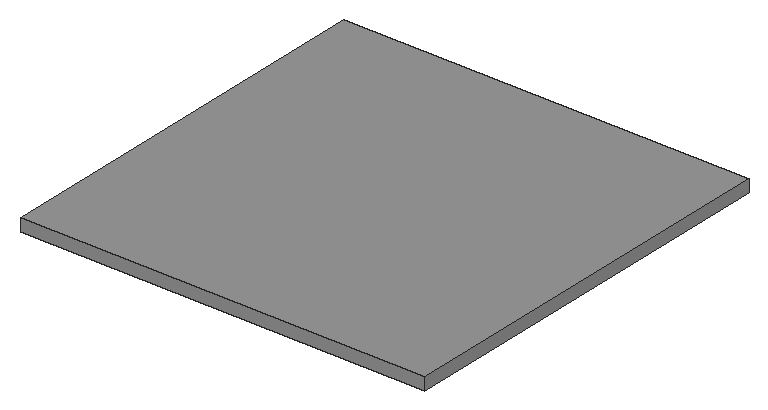
Revit family "KOBE_4000K_4700LM", category Lighting Fixtures, host Ceiling, Revit 2021
Family settings
  Host = Ceiling
  Round Connector Dimension = Use Diameter
  Part Type = Normal
  OmniClass Number = 23.80.70.11
  OmniClass Title = Luminaries for Internal Lighting
  Always vertical = Yes
  Cut with Voids When Loaded = No
  Light Source = Yes
  Shared = No
  Room Calculation Point = No
Parameters (values of type "Type 1")
  Wattage = 31.6409 W
  built-in parameter 1150110 = 1 (stored number, unit not read)
  Type de lampe = "LED Seoul"
  Type = "Plafonnier"
  built-in parameter 1114217 = 1 (stored number, unit not read)
  Tilt Angle = 90.00°
  Température = "4000K"
  built-in parameter 1150109 = 1 (stored number, unit not read)
  built-in parameter 1150134 = 12
  built-in parameter 1150113 = 1 (stored number, unit not read)
  SDCM = "<3"
  Puissance nominale = "36W"
  Photometric Web File = "google_eulumdat_converter (7).ies"
  Matériau = "Acier"
  Maintien du flux = "L80B10 (50 000 heures)"
  Lumens = 4700 lm
  built-in parameter 1150115 = 1 (stored number, unit not read)
  built-in parameter 1150105 = 374.01 (stored number, unit not read)
  built-in parameter 1150137 = (empty or 0)
  built-in parameter 1150139 = (empty or 0)
  built-in parameter 1150112 = 1 (stored number, unit not read)
  built-in parameter 1150114 = 1 (stored number, unit not read)
  built-in parameter 1150132 = 2
  built-in parameter 1150102 = (empty or 0)
  built-in parameter 1150138 = (empty or 0)
  built-in parameter 1150107 = 4000 (stored number, unit not read)
  built-in parameter 1150106 = 3.7401 (stored number, unit not read)
  IRC = ">80"
  Flux lumineux = "4700 lm"
  Fintion = "Blanc"
  Emit from Rectangle Width = 609.6 mm
  Emit from Rectangle Length = 1219.2 mm
  Emit Shape Visible in Rendering = no
  built-in parameter 1150104 = 13.8 (stored number, unit not read)
  Durée de vie = "50 000 heures"
  Driver = "Driver Tuv - No flicker"
  Dimming Lamp Color Temperature Shift = <None>
  Dimensions d’encastrement = "595x595x18 mm"
  Dimensions = "595x595x18 mm"
  Default Elevation = 0 mm
  Color Filter = 16777215
  built-in parameter 1114218 = 1 (stored number, unit not read)
  built-in parameter 1150133 = 10 (stored number, unit not read)
  Angle d'éclairage = "60°"
  Alimentation luminaire = "20-42V dc / 900mA"
  Alimentation Driver = "220-240V AC"
Reference planes
  plane 1 "Light Source Axis (F/B)": y = 0
  plane 2: z = 0
  plane 3 "Light Source Axis (L/R)": x = 0
  plane 4 "Ceiling": z = 4000
  plane 5 "Light Source Elevation": z = 3978.349
Forms (mm)
  Extrusion 1, solid, material "Acier Blanc"
    sketch origin (0, 0, 4000) x (0, 1, 0) y (-1, 0, 0)
      loop
        line (297.5, 297.5) -> (-297.5, 297.5) -> (-297.5, -297.5) -> (297.5, -297.5) -> (297.5, 297.5)
    from -18 to 0
  Extrusion 2, void
    sketch origin (0, 0, 4000) x (0, -1, 0) y (1, 0, 0)
      loop
        line (-282.242, 220.727) -> (-282.242, 200.727) -> (277.758, 200.727) -> (277.758, 220.727) -> (-282.242, 220.727)
    from -31.391 to -9.972
  Extrusion 3, void
    sketch origin (0, 0, 4000) x (0, 1, 0) y (-1, 0, 0)
      loop
        line (282.242, 220.727) -> (-277.758, 220.727) -> (-277.758, 200.727) -> (282.242, 200.727) -> (282.242, 220.727)
    from -31.391 to -9.972
  Extrusion 4, solid, material "Glass, White, High Luminance"
    sketch origin (0, 0, 4000) x (0, 1, 0) y (-1, 0, 0)
      loop
        line (282.242, 220.727) -> (-277.758, 220.727) -> (-277.758, 200.727) -> (282.242, 200.727) -> (282.242, 220.727)
    from -15.716 to -9.972
  Extrusion 5, solid, material "Glass, White, High Luminance"
    sketch origin (0, 0, 4000) x (0, -1, 0) y (1, 0, 0)
      loop
        line (-282.242, 220.727) -> (-282.242, 200.727) -> (277.758, 200.727) -> (277.758, 220.727) -> (-282.242, 220.727)
    from -15.716 to -9.972
Cuts and joins
  Extrusion 2, Extrusion 3 cuts Extrusion 1
Lines and regions (mm)
  reference lines
    curve 1: line (0, 0, 4000) -> (0, 297.5, 4000)
    curve 2: line (0, 297.5, 4000) -> (297.5, 297.5, 4000)
    curve 3: line (297.5, 297.5, 4000) -> (297.5, -297.5, 4000)
    curve 4: line (297.5, -297.5, 4000) -> (-297.5, -297.5, 4000)
    curve 5: line (-297.5, -297.5, 4000) -> (-297.5, 297.5, 4000)
    curve 6: line (-297.5, 297.5, 4000) -> (0, 297.5, 4000)
    curve 7: line (0, 0, 4000) -> (0, 0, 3982)
    curve 8: line (0, 0, 3982) -> (-25, 0, 3982)
Dimensions and locks
  equal spacing: host sketch curve, plane 3 "Light Source Axis (L/R)", host sketch curve
  equal spacing: host sketch curve, plane 1 "Light Source Axis (F/B)", host sketch curve
  host sketch curve to host sketch curve = 4000 mm  (x2)
  plane 4 "Ceiling" to host ceiling = 0 mm
  aligned and locked: plane 1 "Light Source Axis (F/B)" to imposter light
  aligned and locked: plane 5 "Light Source Elevation" to imposter light
